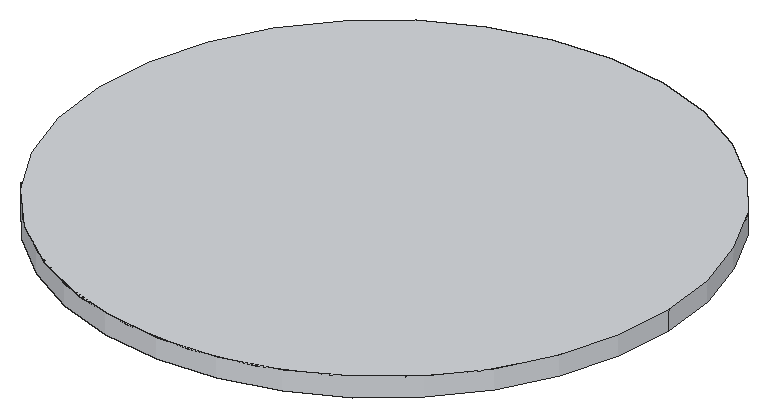
Revit family "地表隆沉", category 常规模型, Revit 2016
Family settings
  零件类型 = 标准
  可将钢筋附着到主体 = 否
  圆形连接件大小 = 使用直径
  基于工作平面 = 否
  总是垂直 = 是
  加载时剪切的空心 = 否
  共享 = 否
  房间计算点 = 否
Parameters
  高度 = 100 mm
  直径 = 3000 mm
  监测数据 [instance] = ""
  测点编号 [instance] = ""
Reference planes
  plane 1 "中心(前/后)": y = 0
  plane 2: z = 0
  plane 3 "中心(左/右)": x = 0
Forms (mm)
  Extrusion 1, solid
    sketch origin (0, 0, 0) x (1, 0, 0) y (0, 1, 0)
      loop
        circle (0, 0) r 1500
    from 0 to 100
Dimensions and locks
  "高度": Extrusion 1 to Extrusion 1
  "直径": diameter of Extrusion 1 sketch curve
  aligned and locked: level to plane 2
  aligned and locked: Extrusion 1 to level
Automatic sketch dimensions
  plane 1 "中心(前/后)" to Extrusion 1 sketch curve = 0 mm
  Extrusion 1 sketch curve to plane 3 "中心(左/右)" = 0 mm
